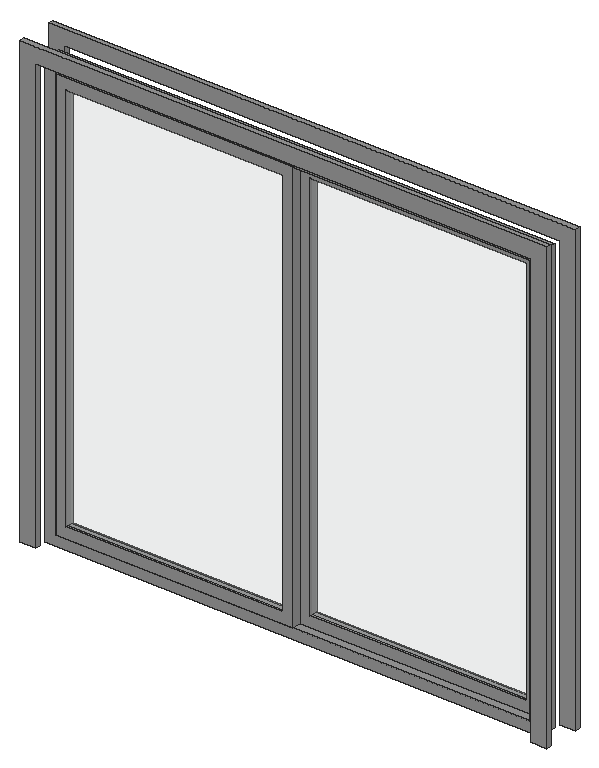
Revit family "Family74", category Doors, host Wall, Revit 2018
Family settings
  Host = Wall
  OmniClass Number = 23.30.10.00
  OmniClass Title = Doors
  Always vertical = Yes
  Cut with Voids When Loaded = No
  Shared = No
  Room Calculation Point = No
Parameters
  Visual Light Transmittance = 0
  URL = "www.skywardwindows.co.za"
  Thermal Resistance (R) = 0.2429 (m²·K)/W
  Telephone = "021 276 1800"
  Solar Heat Gain Coefficient = 0
  Slide Door Thickness = 42 mm
  Manufacturer = "Skyward Windows"
  Heat Transfer Coefficient (U) = 4.1165 W/(m²·K)
  Glass Thickness = 4 mm
  Glass = Glass
  Function = Interior
  Frame Projection Ext. = 25 mm
  Frame Projection Int. = 25 mm
  Frame Width = 75 mm
  Height = 2090 mm
  Wall Closure = By host
  Width = 2390 mm
  Email Address = "info@skywardwindows.co.za"
  Door Thickness = 84 mm
  Door Frame = white
  Company Address = "Charles Matthews Street Atlantis 7349"
  Analytic Construction = "Metal frame, double glass door"
Reference planes
  plane 1: y = 0
  plane 2 "Center (Left/Right)": x = 0
  plane 3 "Left": x = -1195
  plane 4 "Right": x = 1195
  plane 5: z = 2090
  plane 6 "Exterior": y = 75
  plane 7 "Interior": y = -75
Forms (mm)
  Extrusion 1, solid, material "white" <- "Door Frame"
    sketch origin (-3050, -75, 0) x (1, 0, 0) y (0, 0, 1)
      loop
        line (1780, 0) -> (1855, 0) -> (1855, 2090) -> (4245, 2090) -> (4245, 0) -> (4320, 0) -> (4320, 2165) -> (1780, 2165) -> (1780, 0)
    from 0 to 25
  Extrusion 2, solid, material "white" <- "Door Frame"
    sketch origin (-3050, 75, 0) x (-1, 0, 0) y (0, 0, 1)
      loop
        line (-1855, 0) -> (-1780, 0) -> (-1780, 2165) -> (-4320, 2165) -> (-4320, 0) -> (-4245, 0) -> (-4245, 2090) -> (-1855, 2090) -> (-1855, 0)
    from 0 to 25
  Extrusion 3, solid, material "white"
    sketch origin (0, -75, 0) x (1, 0, 0) y (0, 0, 1)
      loop
        line (-1195, 2090) -> (-1195, 0) -> (1195, 0) -> (1195, 2090) -> (-1195, 2090)
      loop
        line (-1145, 2040) -> (-1145, 50) -> (1145, 50) -> (1145, 2040) -> (-1145, 2040)
    from -117 to -33
  Extrusion 4, solid, material "white" <- "Door Frame"
    sketch origin (0, -75, 0) x (1, 0, 0) y (0, 0, 1)
      loop
        line (-1145, 2040) -> (-1145, 50) -> (0, 50) -> (0, 2040) -> (-1145, 2040)
      loop
        line (-1095, 100) -> (-50, 100) -> (-50, 1990) -> (-1095, 1990) -> (-1095, 100)
    from -75 to -33
  Extrusion 5, solid, material "white" <- "Door Frame"
    sketch origin (875, -33, 0) x (1, 0, 0) y (0, 0, 1)
      loop
        line (-875, 2040) -> (-875, 50) -> (270, 50) -> (270, 2040) -> (-875, 2040)
      loop
        line (-825, 100) -> (220, 100) -> (220, 1990) -> (-825, 1990) -> (-825, 100)
    from -75 to -33
  Extrusion 6, solid, material "Glass" <- "Glass"
    sketch origin (0, 0, 0) x (1, 0, 0) y (0, 1, 0)
      loop
        line (-1095, -31) -> (-1095, -35) -> (-50, -35) -> (-50, -31) -> (-1095, -31)
      loop
        line (-50, -7) -> (-1095, -7) -> (-1095, -11) -> (-50, -11) -> (-50, -7)
      loop
        line (50, 11) -> (50, 7) -> (1095, 7) -> (1095, 11) -> (50, 11)
      loop
        line (1095, 31) -> (1095, 35) -> (50, 35) -> (50, 31) -> (1095, 31)
    from 100 to 1990
Lines and regions (mm)
  Opening 1
    outline origin (-3050, -75, 0) x (1, 0, 0) y (0, 0, 1)
      loop
        line (1855, 0) -> (4245, 0) -> (4245, 2090) -> (1855, 2090) -> (1855, 0)
  symbolic lines, style "Elevation Swing"
    curve 1: line (1195, -75, 1045) -> (-1195, -75, 2090)
    curve 2: line (1195, -75, 1045) -> (-1195, -75, 0)
Text (mm)
  text "Exterior" at (-2295.016, 1099.543, 0), in view "Ref. Level"
  text "Exterior" at (0, 1615.38, 3698.081), in view "Left"
  text "Exterior" at (0, 1036.032, 3874.932), in view "Right"
Dimensions and locks
  equal spacing: plane 3 "Left", plane 2 "Center (Left/Right)", plane 4 "Right"
  "Width": plane 3 "Left" to plane 4 "Right"
  "Height": plane 5 to host wall
  equal spacing: host wall, curve 2, plane 5
  host wall to plane 5 = 2090 mm
  "Frame Projection Ext.": Extrusion 2 to Extrusion 2
  "Frame Projection Int.": Extrusion 1 to Extrusion 1
  "Frame Width": plane 3 "Left" to Extrusion 1 sketch curve
  "Frame Width": plane 4 "Right" to Extrusion 1 sketch curve
  "Frame Width": Extrusion 1 sketch curve to plane 5
  "Frame Width": plane 4 "Right" to Extrusion 2 sketch curve
  "Frame Width": plane 3 "Left" to Extrusion 2 sketch curve
  "Frame Width": plane 5 to Extrusion 2 sketch curve
  locked: plane 6 "Exterior" to host wall at 0
  locked: plane 7 "Interior" to host wall
  "Door Thickness": Extrusion 3 to Extrusion 3
  "Glass Thickness": Extrusion 6 to Extrusion 6
  "Slide Door Thickness": Extrusion 4 to Extrusion 4
  aligned and locked: plane 3 "Left" to Opening 1 sketch curve
  aligned and locked: plane 5 to Opening 1 sketch curve  (x2)
  aligned and locked: Opening 1 sketch curve to plane 4 "Right"
  aligned and locked: Opening 1 sketch curve to level
  aligned and locked: level to Extrusion 1 sketch curve
  aligned and locked: plane 5 to Extrusion 1 sketch curve  (x2)
  aligned and locked: Extrusion 1 sketch curve to plane 4 "Right"
  aligned and locked: plane 3 "Left" to Extrusion 1 sketch curve
  aligned and locked: plane 3 "Left" to Extrusion 2 sketch curve
  aligned and locked: plane 5 to Extrusion 2 sketch curve  (x2)
  aligned and locked: level to Extrusion 2 sketch curve
  aligned and locked: plane 5 to curve 1
  aligned and locked: plane 3 "Left" to curve 2
  aligned and locked: plane 1 to host wall
  aligned and locked: plane 3 "Left" to curve 1
  aligned and locked: Extrusion 4 to Extrusion 3  (x2)
  aligned and locked: Extrusion 5 to Extrusion 3  (x2)
  aligned and locked: Extrusion 5 to plane 2 "Center (Left/Right)"
  aligned and locked: Extrusion 3 to Extrusion 5
  aligned and locked: host wall to Extrusion 5
  aligned and locked: Extrusion 4 to host wall
  aligned and locked: Extrusion 3 to Extrusion 4
Automatic sketch dimensions
  curve 2 to level = 0 mm
  plane 4 "Right" to curve 2 = 0 mm
  Extrusion 1 sketch curve to level = 0 mm
  plane 4 "Right" to Extrusion 2 sketch curve = 0 mm
  Extrusion 2 sketch curve to level = 0 mm
  Extrusion 3 sketch curve to level = 0 mm
  plane 3 "Left" to Extrusion 3 sketch curve = 0 mm
  plane 4 "Right" to Extrusion 3 sketch curve = 0 mm
  Extrusion 3 sketch curve to plane 5 = 0 mm
  Extrusion 3 sketch curve to plane 3 "Left" = 50 mm
  plane 4 "Right" to Extrusion 3 sketch curve = 50 mm
  level to Extrusion 3 sketch curve = 50 mm
  plane 5 to Extrusion 3 sketch curve = 50 mm
  Extrusion 4 sketch curve to plane 3 "Left" = 50 mm
  Extrusion 4 sketch curve to Extrusion 4 sketch curve = 50 mm  (x2)
  Extrusion 4 sketch curve to plane 2 "Center (Left/Right)" = 50 mm
  Extrusion 4 sketch curve to plane 2 "Center (Left/Right)" = 0 mm
  level to Extrusion 4 sketch curve = 50 mm
  plane 5 to Extrusion 4 sketch curve = 100 mm
  plane 5 to Extrusion 4 sketch curve = 50 mm
  plane 2 "Center (Left/Right)" to Extrusion 5 sketch curve = 0 mm
  Extrusion 5 sketch curve to Extrusion 5 sketch curve = 50 mm  (x2)
  plane 4 "Right" to Extrusion 5 sketch curve = 100 mm
  plane 4 "Right" to Extrusion 5 sketch curve = 50 mm
  level to Extrusion 5 sketch curve = 50 mm
  plane 5 to Extrusion 5 sketch curve = 100 mm
  plane 5 to Extrusion 5 sketch curve = 50 mm
  host wall to Extrusion 6 sketch curve = 31 mm
  Extrusion 6 sketch curve to plane 3 "Left" = 100 mm
  host wall to Extrusion 6 sketch curve = 7 mm
  Extrusion 6 sketch curve to Extrusion 6 sketch curve = 0 mm  (x4)
  Extrusion 6 sketch curve to plane 2 "Center (Left/Right)" = 50 mm
  Extrusion 6 sketch curve to host wall = 11 mm
  plane 2 "Center (Left/Right)" to Extrusion 6 sketch curve = 50 mm
  Extrusion 6 sketch curve to host wall = 31 mm
  plane 4 "Right" to Extrusion 6 sketch curve = 100 mm
  Extrusion 6 sketch curve to Extrusion 6 sketch curve = 4 mm  (x4)
